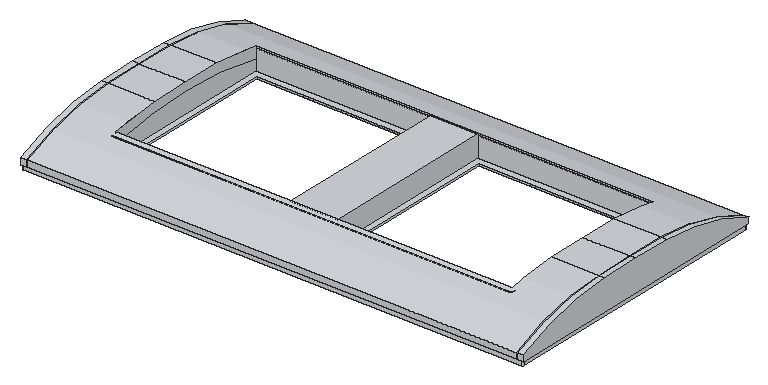
Revit family "Gira_021251", category Electrical Fixtures, host Face, Revit 2017
Family settings
  Host = Face
  Maintain Annotation Orientation = No
  Round Connector Dimension = Use Diameter
  Part Type = Normal
  Cut with Voids When Loaded = No
  Shared = No
  Room Calculation Point = No
Parameters (values of type "Abdeckrahmen 2f Zwischenr. F Alu Gira Event Opak Mint")
  Werkstoffgüte = "Thermoplast"
  Werkstoff = "Kunststoff"
  URL = "http://katalog.gira.de/de_DE/datenblatt.html?artikelnr=021251"
  Transparent = "No"
  Textfeld/Beschriftungsfläche = "No"
  Schutzart (IP) = "IP21"
  Region = "DE"
  Oberfläche = "sonstige"
  Name = "Abdeckrahmen 2f Zwischenr. F Alu Gira Event Opak Mint"
  Montagerichtung = "horizontal und vertikal"
  Mit Montagerahmen = "No"
  Mit Klappdeckel = "No"
  Manufacturer URL = "https://www.gira.de/"
  Keynote = "Event_Rahmen_2fach"
  HeinzeBIM = "https://bimportal.heinze.de/bim/abdeckrahmen-2f-zwischenr-f-alu-gira-event-opak-mint/c75b344b8323518b7d6375e6588afcb190b06100"
  Halogenfrei = "Yes"
  HAN = "021251"
  Geeignet für Unterputz-Installation = "Yes"
  Geeignet für Unterflurkanaldose = "No"
  Geeignet für Geräteeinbaukanal = "No"
  Geeignet für Einbauinstallation = "No"
  GTIN = "4010337212515"
  Farbe = "grün"
  Default Elevation = 1219.2 mm
  Data sheet (1) = "https://katalog.gira.de/de_DE/download.html?artikelnr=021251"
  Category = "Abdeckrahmen"
  Befestigungsart = "Klemmbefestigung"
  Available = "Yes"
  Anzahl der Einheiten vertikal = "2 "
  Anzahl der Einheiten horizontal = "2 "
  Anzahl der Einheiten = "2 "
Reference planes
  plane 1 "Center (Front/Back)": y = 0
  plane 2: z = 0
  plane 3 "Center (Left/Right)": x = 0
Forms (mm)
  Extrusion 1, solid, detail levels fine
    sketch origin (0, 0, 0.05) x (0, 1, 0) y (0, 0, 1)
      loop
        arc (12.445, 9.683) -> (6.223, 9.833) -> (0, 9.85) r 291.636
        arc (0, 9.85) -> (-6.223, 9.833) -> (-12.445, 9.683) r 291.636
        arc (-12.445, 9.683) -> (-29.14, 7.482) -> (-45, 1.823) r 79.728
        line (-45, 1.823) -> (-45, -0.05) -> (-42.086, -0.05)
        arc (-42.086, -0.05) -> (-21.385, 5.559) -> (0, 7.206) r 114.424
        arc (0, 7.206) -> (21.385, 5.559) -> (42.086, -0.05) r 114.424
        line (42.086, -0.05) -> (45, -0.05) -> (45, 1.823)
        arc (45, 1.823) -> (29.14, 7.482) -> (12.445, 9.683) r 79.728
    from -78.55 to 78.55
  Extrusion 2, void, detail levels fine
    sketch origin (0, 0, 0) x (1, 0, 0) y (0, 1, 0)
      loop
        line (-63.55, -27.937) -> (63.55, -27.937) -> (63.55, 28.063) -> (-63.55, 28.063) -> (-63.55, -27.937)
    from 0.724 to 11
  Extrusion 3, solid, detail levels coarse
    sketch origin (0, 0, 0) x (1, 0, 0) y (0, 1, 0)
      loop
        line (-80.55, 45) -> (-80.55, -45) -> (80.55, -45) -> (80.55, 45) -> (-80.55, 45)
    from -1.5 to 9.9
  Extrusion 4, solid, detail levels medium
    sketch origin (0, 0, 0.05) x (0, 1, 0) y (0, 0, 1)
      loop
        arc (12.445, 9.683) -> (6.223, 9.833) -> (0, 9.85) r 291.636
        arc (0, 9.85) -> (-6.223, 9.833) -> (-12.445, 9.683) r 291.636
        arc (-12.445, 9.683) -> (-29.14, 7.482) -> (-45, 1.823) r 79.728
        line (-45, 1.823) -> (-45, -0.05) -> (45, -0.05) -> (45, 1.823)
        arc (45, 1.823) -> (29.14, 7.482) -> (12.445, 9.683) r 79.728
    from -80.55 to 80.55
  Extrusion 5, solid, detail levels fine
    sketch origin (-35.55, 0, -1.5) x (0, 1, 0) y (0, 0, -1)
      loop
        line (45, -3.373) -> (45, -1.5) -> (-45, -1.5) -> (-45, -3.373)
        arc (-45, -3.373) -> (-29.14, -9.032) -> (-12.445, -11.233) r 79.728
        arc (-12.445, -11.233) -> (-6.223, -11.383) -> (0, -11.4) r 291.636
        arc (0, -11.4) -> (6.223, -11.383) -> (12.445, -11.233) r 291.636
        arc (12.445, -11.233) -> (29.14, -9.032) -> (45, -3.373) r 79.728
    from 43 to 45
  Extrusion 6, solid, detail levels fine
    sketch origin (0, 0, 0) x (1, 0, 0) y (0, 1, 0)
      loop
        line (-61.45, 25.7) -> (-61.45, -25.7) -> (-9.65, -25.7) -> (-9.65, 25.7) -> (-61.45, 25.7)
      loop
        line (61.45, -25.7) -> (61.45, 25.7) -> (9.65, 25.7) -> (9.65, -25.7) -> (61.45, -25.7)
      loop
        line (-64.445, 28.49) -> (-64.445, -28.495)
        spline (-64.445, -28.495) -> (-64.436, -28.625) -> (-64.411, -28.754) -> (-64.369, -28.878) -> (-64.311, -28.995) -> (-64.238, -29.104) -> (-64.152, -29.202) -> (-64.054, -29.288) -> (-63.945, -29.361) -> (-63.828, -29.419) -> (-63.704, -29.461) -> (-63.575, -29.486) -> (-63.445, -29.495)
        line (-63.445, -29.495) -> (63.445, -29.495)
        spline (63.445, -29.495) -> (63.575, -29.486) -> (63.704, -29.461) -> (63.828, -29.419) -> (63.945, -29.361) -> (64.054, -29.288) -> (64.152, -29.202) -> (64.238, -29.104) -> (64.311, -28.995) -> (64.369, -28.878) -> (64.411, -28.754) -> (64.436, -28.625) -> (64.445, -28.495)
        line (64.445, -28.495) -> (64.445, 28.49)
        spline (64.445, 28.49) -> (64.436, 28.62) -> (64.411, 28.748) -> (64.369, 28.872) -> (64.311, 28.99) -> (64.238, 29.098) -> (64.152, 29.197) -> (64.054, 29.283) -> (63.945, 29.356) -> (63.828, 29.413) -> (63.704, 29.456) -> (63.575, 29.481) -> (63.445, 29.49)
        line (63.445, 29.49) -> (-63.445, 29.49)
        spline (-63.445, 29.49) -> (-63.575, 29.481) -> (-63.704, 29.456) -> (-63.828, 29.413) -> (-63.945, 29.356) -> (-64.054, 29.283) -> (-64.152, 29.197) -> (-64.238, 29.098) -> (-64.311, 28.99) -> (-64.369, 28.872) -> (-64.411, 28.748) -> (-64.436, 28.62) -> (-64.445, 28.49)
    from 0.1 to 7.3
  Extrusion 7, solid
    sketch origin (0, 0, 0) x (1, 0, 0) y (0, 1, 0)
      loop
        arc (-80.25, -44.2) -> (-80.104, -44.554) -> (-79.75, -44.7) r 0.5
        line (-79.75, -44.7) -> (79.75, -44.7)
        arc (79.75, -44.7) -> (80.104, -44.554) -> (80.25, -44.2) r 0.5
        line (80.25, -44.2) -> (80.25, 44.2)
        arc (80.25, 44.2) -> (80.104, 44.554) -> (79.75, 44.7) r 0.5
        line (79.75, 44.7) -> (-79.75, 44.7)
        arc (-79.75, 44.7) -> (-80.104, 44.554) -> (-80.25, 44.2) r 0.5
        line (-80.25, 44.2) -> (-80.25, -44.2)
      loop
        line (-78.55, 43) -> (-78.55, -43) -> (78.55, -43) -> (78.55, 43) -> (-78.55, 43)
    from -1.5 to 0.5
  Extrusion 8, solid, detail levels fine
    sketch origin (35.55, 0, -1.5) x (0, 1, 0) y (0, 0, 1)
      loop
        arc (45, 3.373) -> (29.14, 9.032) -> (12.445, 11.233) r 79.728
        arc (12.445, 11.233) -> (6.223, 11.383) -> (0, 11.4) r 291.636
        arc (0, 11.4) -> (-6.223, 11.383) -> (-12.445, 11.233) r 291.636
        arc (-12.445, 11.233) -> (-29.14, 9.032) -> (-45, 3.373) r 79.728
        line (-45, 3.373) -> (-45, 1.5) -> (45, 1.5) -> (45, 3.373)
    from 43 to 45
  Extrusion 9, solid, detail levels medium
    sketch origin (0, 0, 0) x (1, 0, 0) y (0, 1, 0)
      loop
        line (-80.25, -44.7) -> (80.25, -44.7) -> (80.25, 44.7) -> (-80.25, 44.7) -> (-80.25, -44.7)
    from -1.5 to 0.5
  Extrusion 10, solid, detail levels fine
    sketch origin (0, 0, 0) x (1, 0, 0) y (0, 1, 0)
      loop
        line (-7.55, 28.063) -> (-7.55, -27.937) -> (7.55, -27.937) -> (7.55, 28.063) -> (-7.55, 28.063)
    from 0.724 to 7.566
Cuts and joins
  Extrusion 2 cuts Extrusion 1
  Extrusion 2 cuts Extrusion 6
Dimensions and locks
  aligned and locked: plane 2 to host face
  aligned and locked: level to host face
